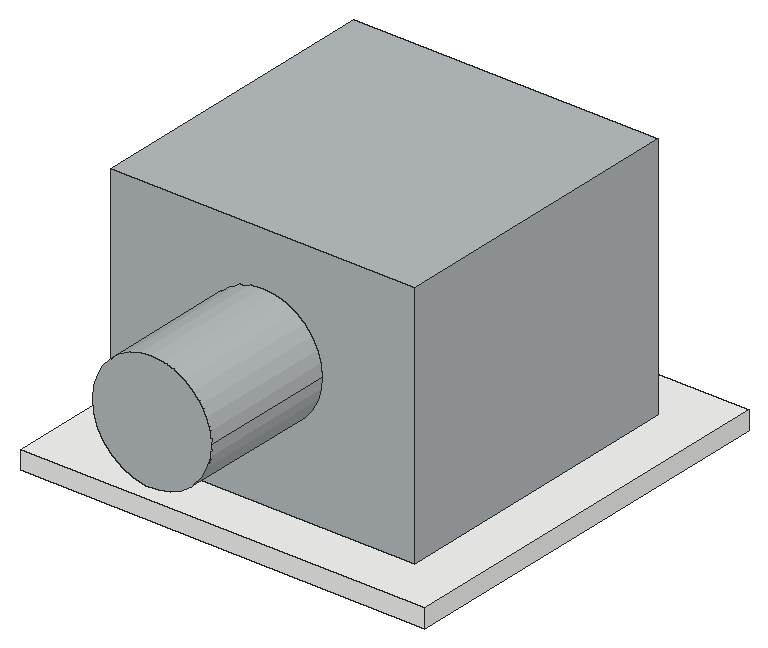
Revit family "vd-13_15zvy7_60Hz", category 機械設備, Revit 2019
Family settings
  丸型コネクタ寸法 = 直径を使用
  パーツ タイプ = 標準
  OmniClass 番号 = 23.75.35.17.27
  OmniClass タイトル = Centrifugal Fans
  作業面ベース = いいえ
  常に垂直 = はい
  ロード時にボイドで切り取り = いいえ
  共有 = いいえ
  部屋計算ポイント = はい
Parameters (values of type "VD-15ZVY7")
  騒音レベル(dB(A)) [instance] = 46
  風量 [instance] = 280.0 m³/h
  電源種別 [instance] = ""
  電圧 = 100 V
  電動機出力 = 0 W
  電動機_種別 [instance] = ""
  運転質量 = 0.00 kg
  連動 [instance] = ""
  質量 = if(製品質量 > 運転質量, 製品質量, 運転質量) * 1.2  # 5.04 kg
  負荷分類 = 3_ファン類
  説明 = "ダクト用換気扇 低騒音形 オール金属タイプ 24時間換気機能付 定風量タイプ"
  設計風量 [instance] = 0.0 m³/h
  設置方法 = "天埋"
  記号 [instance] = ""
  製造元 = "三菱電機株式会社"
  製品質量 = 4.20 kg
  製品出荷対象 = "国内"
  製品リリース年月 = "2024年6月3日"
  製品グループ = ""
  系統 [instance] = ""
  符号 [instance] = if(☑給気／□排気, "FS", "FE")  # "FE"
  積算_科目 = "2 換気設備"
  積算_拾い区分 [instance] = ""
  相 = 1
  盤記号 [instance] = ""
  発停方法 [instance] = ""
  特殊仕様 [instance] = ""
  火災停止 [instance] = ""
  消費電力 = 20.5 W
  法定耐用年数 = "15"
  機外静圧 [instance] = 0.0 Pa
  極数 = 2
  材質 [instance] = ""
  操作・制御方式 = ""
  操作・制御スイッチ = ""
  排気量 [instance] = if(☑給気／□排気, 0.0 m³/h, 設計風量)  # 0.0 m³/h
  形式 = "天井埋込ダクト形"
  幹線記号 [instance] = ""
  対象室 [instance] = ""
  実風量 [instance] = 0.0 m³/h
  始動方式 [instance] = "直入"
  外気量 [instance] = if(☑給気／□排気, 設計風量, 0.0 m³/h)  # 0.0 m³/h
  呼称 = "天井扇"
  周波数 = 60 Hz
  参照している仕様書等のバージョン = ""
  分類コード = "50052503100030"
  分類グループ = ""
  価格 = 52500
  企業コード = "108420"
  付属品_防振装置 = ""
  付属品 [instance] = ""
  仕様書バージョン = "Version1.0"
  モデル = "VD-15ZVY7"
  マテリアル = 鋼板
  ファンの種類 = ""
  ダクト径 = 100 mm
  コメント [instance] = ""
  Keynote = ""
  カバーマテリアル = 鋼板(白)
  ☑給気／□排気 [instance] = no
  Width = 251 mm
  W1 = 334 mm
  Version = ""
  Uniclass2015Version = "Systems v1.9"
  Uniclass2015Title = "Centrifugal fans"
  Uniclass2015Code = "Pr_65_67_29_12"
  URL = "https://www.mitsubishielectric.co.jp/ldg/wink/qr/002/333634/"
  SpecificationReference = ""
  SpecificationDescription = ""
  Revision = ""
  ProductInformation = ""
  OmniClassCode = "23-33 31 19 11 15"
  MIN風量 = 85.0 m³/h
  MIN静圧 = 80.0 Pa
  MID風量 = 160.0 m³/h
  MID静圧 = 140.0 Pa
  MAX風量 = 280.0 m³/h
  MAX静圧 = 0.0 Pa
  IfcTypeProduct = ""
  IfcProduct = ""
  IfcExportType = "PROPELLORAXIAL"
  IfcExportAs = "IfcFanType"
  Height = 204 mm
  H1 = 15 mm
  EAサイズ_D = 98 mm
  Duct_Height = 111 mm
  Duct_Depth = 114 mm
  Duct_Center = 0 mm
  Depth = 251 mm
  D1 = 334 mm
  Author = "三菱電機株式会社"
Types (2, lengths in mm): name | 騒音レベル(dB(A)) | 風量 | 質量 | 製品質量 | 消費電力 | 機外静圧 | 価格 | モデル | Width | W1 | URL | MIN風量 | MIN静圧 | MID風量 | MID静圧 | MAX風量 | MAX静圧 | Height | Duct_Height | Duct_Center | Depth | D1
  VD-13ZVY7 | 33 | 120.0 m³/h | 3.12 kg | 2.60 kg | 4.7 W | 80.0 Pa | 43700 | "VD-13ZVY7" | 195 | 282 | "https://www.mitsubishielectric.co.jp/ldg/wink/qr/002/333598/" | 75.0 m³/h | 60.0 Pa | 0.0 m³/h | 0.0 Pa | 120.0 m³/h | 80.0 Pa | 206 | 102 | 56 | 195 | 282
  VD-15ZVY7 | 46 | 280.0 m³/h | 5.04 kg | 4.20 kg | 20.5 W | 0.0 Pa | 52500 | "VD-15ZVY7" | 251 | 334 | "https://www.mitsubishielectric.co.jp/ldg/wink/qr/002/333634/" | 85.0 m³/h | 80.0 Pa | 160.0 m³/h | 140.0 Pa | 280.0 m³/h | 0.0 Pa | 204 | 111 | 0 | 251 | 334
Reference planes
  plane 1 "中心(正面/背面)": y = 0
  plane 2: z = 0
  plane 3 "中心(左/右)": x = 0
  plane 4: x = -167
  plane 5: x = 167
  plane 6: y = 167
  plane 7: y = -167
  plane 8: x = -125.5
  plane 9: x = 125.5
  plane 10: y = 125.5
  plane 11: y = -125.5
  plane 12: y = -239.5
  plane 13: z = 204
  plane 14: z = -15
  plane 15: z = 111
  plane 16: x = 0
Forms (mm)
  Extrusion 1, solid, material "鋼板" <- "マテリアル", detail levels fine
    sketch origin (0, 0, 0) x (1, 0, 0) y (0, 1, 0)
      loop
        line (-125.5, 125.5) -> (-125.5, -125.5) -> (125.5, -125.5) -> (125.5, 125.5) -> (-125.5, 125.5)
    from 0 to 204
  Extrusion 2, solid, material "鋼板(白)" <- "カバーマテリアル", detail levels fine
    sketch origin (0, 0, 0) x (1, 0, 0) y (0, 1, 0)
      loop
        line (-167, 167) -> (-167, -167) -> (167, -167) -> (167, 167) -> (-167, 167)
    from 0 to -15
  Extrusion 3, solid, material "鋼板" <- "マテリアル", detail levels fine
    sketch origin (0, 0, 0) x (1, 0, 0) y (0, 0, 1)
      loop
        circle (0, 111) r 49
    from 125.5 to 239.5
Dimensions and locks
  equal spacing: plane 4, plane 3 "中心(左/右)", plane 5
  "W1": plane 4 to plane 5
  equal spacing: plane 6, plane 1 "中心(正面/背面)", plane 7
  "D1": plane 6 to plane 7
  equal spacing: plane 8, plane 3 "中心(左/右)", plane 9
  "Width": plane 8 to plane 9
  equal spacing: plane 10, plane 1 "中心(正面/背面)", plane 11
  "Depth": plane 10 to plane 11
  "Duct_Depth": plane 11 to plane 12
  "Height": plane 13 to plane 2
  "Duct_Height": plane 15 to plane 2
  "H1": plane 2 to plane 14
  "Duct_Center": plane 3 "中心(左/右)" to plane 16
  "EAサイズ_D": diameter of Extrusion 3 sketch curve
  aligned and locked: level to plane 2
  aligned and locked: plane 5 to Extrusion 2
  aligned and locked: plane 6 to Extrusion 2
  aligned and locked: Extrusion 2 to plane 4
  aligned and locked: Extrusion 2 to plane 7
  aligned and locked: plane 9 to Extrusion 1
  aligned and locked: Extrusion 1 to plane 11
  aligned and locked: Extrusion 1 to plane 8
  aligned and locked: plane 10 to Extrusion 1
  aligned and locked: plane 13 to Extrusion 1
  aligned and locked: Extrusion 2 to plane 14
  aligned and locked: level to Extrusion 2
  aligned and locked: Extrusion 1 to level
  aligned and locked: Extrusion 3 to plane 12
  aligned and locked: plane 11 to Extrusion 3
Automatic sketch dimensions
  Extrusion 1 sketch curve to plane 3 "中心(左/右)" = 125.5 mm
  plane 3 "中心(左/右)" to Extrusion 1 sketch curve = 125.5 mm
  Extrusion 2 sketch curve to plane 3 "中心(左/右)" = 167 mm
  plane 3 "中心(左/右)" to Extrusion 2 sketch curve = 167 mm
  plane 1 "中心(正面/背面)" to Extrusion 1 sketch curve = 125.5 mm
  Extrusion 1 sketch curve to plane 1 "中心(正面/背面)" = 125.5 mm
  plane 1 "中心(正面/背面)" to Extrusion 2 sketch curve = 167 mm
  Extrusion 2 sketch curve to plane 1 "中心(正面/背面)" = 167 mm
  Extrusion 3 sketch curve to plane 15 = 0 mm
  Extrusion 3 sketch curve to plane 16 = 0 mm
Nested families
  nested 1: "記号_天井換気扇_平面" at (0, 0, 0), type "記号_天井換気扇_平面", detail levels coarse+medium
Connectors
  hvac at (0, -239.5, 111), driven by "ダクト径", driven by "風量", driven by "機外静圧"
    settings: on Extrusion 3, index 1, duct flow 280.0 m³/h, flow factor 0, pres drop 0.0 Pa, loss coef 0, conn angle 0.00°, conn width 304.8 mm, conn height 304.8 mm, conn diameter 100 mm, duct sys type 3, conn prof type 0, flow config 0, flow direction 2, loss method 4, conn ref index -1, conn util no, is conn primary yes, conn desc ""
  electrical at (0, 0, 204), driven by "極数", driven by "負荷分類", driven by "電圧", driven by "消費電力"
    settings: on Extrusion 1, index 2, voltage 100 V, apparent load 20.5 VA, apparent load phase1 0 VA, apparent load phase2 0 VA, apparent load phase3 0 VA, power factor 1, load classification "3_ファン類", number of poles 2, system type 30, power factor state 1, is connector primary yes, connector utility no, sub classification motor no, connector description ""
Definition of nested family "記号_天井換気扇_平面"
  Reference planes
    plane 1: y = 0
    plane 2: x = 0
  Lines and regions (mm)
    detail lines
      curve 1: line (-2.5, 2.5, 0) -> (2.5, 2.5, 0)
      curve 2: line (-2.5, -2.5, 0) -> (-2.5, 2.5, 0)
      curve 3: line (2.5, -2.5, 0) -> (-2.5, -2.5, 0)
      curve 4: line (2.5, 2.5, 0) -> (2.5, -2.5, 0)
      curve 5: circle (-1.04, -1.04, 0) r 1.46 normal (0, 0, 1)
      curve 6: circle (1.04, 1.04, 0) r 1.46 normal (0, 0, 1)
      curve 7: line (-3.125, 3.125, 0) -> (3.125, 3.125, 0)
      curve 8: line (-3.125, -3.125, 0) -> (-3.125, 3.125, 0)
      curve 9: line (3.125, -3.125, 0) -> (-3.125, -3.125, 0)
      curve 10: line (3.125, 3.125, 0) -> (3.125, -3.125, 0)
      curve 11: circle (1.295, 1.295, 0) r 1.83 normal (0, 0, 1)
      curve 12: circle (-1.295, -1.295, 0) r 1.83 normal (0, 0, 1)
      curve 13: line (-2, 2, 0) -> (2, 2, 0)
      curve 14: line (-2, -2, 0) -> (-2, 2, 0)
      curve 15: line (2, -2, 0) -> (-2, -2, 0)
      curve 16: line (2, 2, 0) -> (2, -2, 0)
      curve 17: circle (0.84, 0.84, 0) r 1.16 normal (0, 0, 1)
      curve 18: circle (-0.84, -0.84, 0) r 1.2 normal (0, 0, 1)
